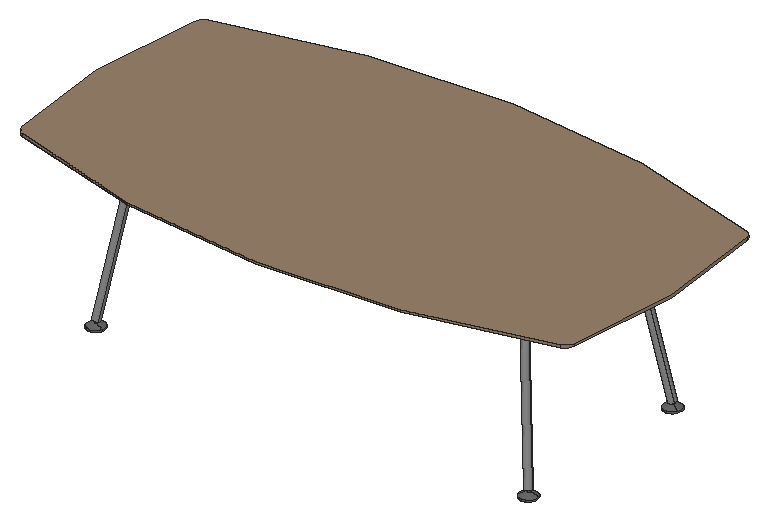
Revit family "Disc XL", category Мебель, Revit 2017
Family settings
  Номер OmniClass = 23.40.20.00
  Заголовок OmniClass = General Furniture and Specialties
  На основе рабочей плоскости = Нет
  Всегда вертикально = Да
  При загрузке вырезать с полостями = Нет
  Общий = Нет
  Точка расчета площади = Нет
Parameters (values of type "HB-920")
  URL = "http://file-system.ru/catalog/zdaniya_i_sooruzheniya/interer/mebel/disc_xl_hb_920_skandiform_stol/"
  Комментарии к типоразмеру = "Created by Astacus AB"
  Disc = HB-920-Disc : HB-920-Disc
  Группа модели = "HB-920"
  Изготовитель = "Skandiform AB"
  Ключевая пометка = "XBE.1"
  Описание = "Table tops in birch, oak veneer or white laminate F2274.Chassis straight legs in silver lacquer or chromium. Adjustable floor protectors"
  Table Top = Skandiform Wood Oak
  Table Leg = Skandiform Chrome
  Leg = Straight legs 2pc small : Straight legs 2pc small
  Box for plug connection (Enter nbr) [instance] = ""
Types (7, lengths in mm): name | URL | Disc | Группа модели | Leg
  (no name) | "http://file-system.ru/catalog/zdaniya_i_sooruzheniya/interer/mebel/disc_xl_hb_920_skandiform_stol/" | HB-920-Disc : HB-920-Disc | "HB-920" | Straight legs 2pc small : Straight legs 2pc small
  HB-920 | "http://file-system.ru/catalog/zdaniya_i_sooruzheniya/interer/mebel/disc_xl_hb_920_skandiform_stol/" | HB-920-Disc : HB-920-Disc | "HB-920" | Straight legs 2pc small : Straight legs 2pc small
  HB-921 | "http://www.biminfo.se/?productid=333194" | HB-921-Disc : HB-921-Disc | "HB-921" | Straight legs 3pc small : Straight legs 3pc small
  HB-922 | "http://www.biminfo.se/?productid=333194" | HB-922-Disc : HB-922-Disc | "HB-922" | Straight legs 4pc small : Straight legs 4pc small
  HB-1920 | "http://www.biminfo.se/?productid=333194" | HB-920-Disc : HB-920-Disc | "HB-1920" | T legs 2pc small : T legs 2pc small
  HB-1921 | "http://www.biminfo.se/?productid=333194" | HB-921-Disc : HB-921-Disc | "HB-1921" | T legs 3pc small : T legs 3pc small
  HB-1922 | "http://www.biminfo.se/?productid=333194" | HB-922-Disc : HB-922-Disc | "HB-1922" | T legs 4pc small : T legs 4pc small
Reference planes
  plane 1 "Center (Front/Back)": y = 0
  plane 2: z = 0
  plane 3 "Center (Left/Right)": x = 0
Dimensions and locks
  aligned and locked: level to plane 2
Nested families
  nested 1: "HB-920-Disc" at (0, 0, 0), type <- "Disc", type "HB-920-Disc"
  nested 2: "Straight legs 2pc small" at (0, 0, 0), type <- "Leg", type "Straight legs 2pc small"
Definition of nested family "HB-920-Disc"
  Parameters
    Disc = none
    Model = ""
    Manufacturer = "Skandiform"
    Description = ""
    Assembly Code = ""
  Reference planes
    plane 1 "Center (Front/Back)": y = 0
    plane 2: z = 0
    plane 3 "Center (Left/Right)": x = 0
  Forms (mm)
    Blend 1, solid, material <- "Disc"
      base sketch origin (0, 0, 0) x (1, 0, 0) y (0, 1, 0)
        loop
          arc (-1157.102, 474.107) -> (-1165.85, 470.483) -> (-1169.474, 461.734) r 12.373
          arc (-1169.474, 461.734) -> (-1217.187, 0) -> (-1169.474, -461.734) r 2258.023
          arc (-1169.474, -461.734) -> (-1165.884, -468.9) -> (-1159.222, -473.356) r 15.679
          arc (-1159.222, -473.356) -> (0.046, -666.989) -> (1159.313, -473.351) r 3567.008
          arc (1159.313, -473.351) -> (1166.207, -470.496) -> (1169.063, -463.601) r 9.75
          arc (1169.063, -463.601) -> (1219.088, -1.02) -> (1169.497, 461.608) r 2173.195
          arc (1169.497, 461.608) -> (1168.141, 467.468) -> (1164.349, 472.137) r 13.341
          arc (1164.349, 472.137) -> (3.788, 666.988) -> (-1157.102, 474.107) r 3571.716
      top sketch origin (0, 0, 0) x (1, 0, 0) y (0, 1, 0)
        loop
          arc (-1170.037, 504.557) -> (-1190.7, 490.661) -> (-1201.78, 468.362) r 48.648
          arc (-1201.78, 468.362) -> (-1249.329, 0) -> (-1201.78, -468.362) r 2330.46
          arc (-1201.78, -468.362) -> (-1190.7, -490.661) -> (-1170.037, -504.557) r 48.648
          arc (-1170.037, -504.557) -> (0, -700) -> (1170.037, -504.557) r 3599.985
          arc (1170.037, -504.557) -> (1190.721, -490.68) -> (1201.78, -468.362) r 48.46
          arc (1201.78, -468.362) -> (1250.253, 0) -> (1201.78, 468.362) r 2286.954
          arc (1201.78, 468.362) -> (1190.721, 490.68) -> (1170.037, 504.557) r 48.46
          arc (1170.037, 504.557) -> (0, 700) -> (-1170.037, 504.557) r 3599.985
      from 698 to 710
    Extrusion 2, solid, material <- "Disc"
      sketch origin (0, 0, 0) x (1, 0, 0) y (0, 1, 0)
        loop
          arc (-1170.037, 504.557) -> (-1190.7, 490.661) -> (-1201.78, 468.362) r 48.648
          arc (-1201.78, 468.362) -> (-1249.329, 0) -> (-1201.78, -468.362) r 2330.46
          arc (-1201.78, -468.362) -> (-1190.7, -490.661) -> (-1170.037, -504.557) r 48.648
          arc (-1170.037, -504.557) -> (0, -700) -> (1170.037, -504.557) r 3599.985
          arc (1170.037, -504.557) -> (1190.721, -490.68) -> (1201.78, -468.362) r 48.46
          arc (1201.78, -468.362) -> (1250.253, 0) -> (1201.78, 468.362) r 2286.954
          arc (1201.78, 468.362) -> (1190.721, 490.68) -> (1170.037, 504.557) r 48.46
          arc (1170.037, 504.557) -> (0, 700) -> (-1170.037, 504.557) r 3599.985
      from 710 to 720
  Lines and regions (mm)
    Masking region 1
      outline origin (0, 0, 0) x (1, 0, 0) y (0, 1, 0)
        loop
          arc (1170.037, 504.557) -> (0, 700) -> (-1170.037, 504.557) r 3599.985
          arc (-1170.037, 504.557) -> (-1190.7, 490.661) -> (-1201.78, 468.362) r 48.648
          arc (-1201.78, 468.362) -> (-1249.329, 0) -> (-1201.78, -468.362) r 2330.46
          arc (-1201.78, -468.362) -> (-1190.7, -490.661) -> (-1170.037, -504.557) r 48.648
          arc (-1170.037, -504.557) -> (0, -700) -> (1170.037, -504.557) r 3599.985
          arc (1170.037, -504.557) -> (1190.721, -490.68) -> (1201.78, -468.362) r 48.46
          arc (1201.78, -468.362) -> (1250.253, 0) -> (1201.78, 468.362) r 2286.954
          arc (1201.78, 468.362) -> (1190.721, 490.68) -> (1170.037, 504.557) r 48.46
    symbolic lines
      curve 1: line (0, 700, 0) -> (0, -700, 0)
  Dimensions and locks
    aligned and locked: level to plane 2
Definition of nested family "Straight legs 2pc small"
  Parameters
    Model = ""
    Manufacturer = "Skandiform"
    Description = ""
    Leg = none
    Assembly Code = ""
  Reference planes
    plane 1 "Center (Front/Back)": y = 0
    plane 2: z = 0
    plane 3 "Center (Left/Right)": x = 0
  Forms (mm)
    Revolve 1, solid
      sketch origin (-380.45, 606.96, 0.004) x (0.93358, 0.358368, 0) y (0, 0, -1)
        loop
          line (-600, -32) -> (-592.75, -32) -> (-592.75, -20.394) -> (-562.243, -4.832) -> (-562.243, 0) -> (-600, 0) -> (-600, -32)
        axis (-600, -32) -> (-600, 0)
      angle from 0 to 360
    Extrusion 2, solid, material <- "Leg"
      sketch origin (-346.954, 472.588, 18.845) x (-0.918707, -0.386731, 0.080103) y (0.365948, -0.909849, -0.195596)
        loop
          circle (577, -143.954) r 16
      from -66.608 to 549.574
    Extrusion 3, solid, material <- "Leg"
      sketch origin (-346.954, -472.588, 18.845) x (-0.918707, 0.386731, 0.080103) y (-0.365948, -0.909849, 0.195596)
        loop
          circle (577, 143.954) r 16
      from -66.608 to 549.574
    Extrusion 4, solid, material <- "Leg"
      sketch origin (346.954, 472.588, 18.845) x (0.918707, -0.386731, 0.080103) y (0.365948, 0.909849, 0.195596)
        loop
          circle (577, 143.954) r 16
      from -66.608 to 549.574
    Extrusion 5, solid, material <- "Leg"
      sketch origin (346.954, -472.588, 18.845) x (0.918707, 0.386731, 0.080103) y (-0.365948, 0.909849, -0.195596)
        loop
          circle (577, -143.954) r 16
      from -66.608 to 549.574
    Revolve 6, solid
      sketch origin (380.45, 606.96, 0.004) x (-0.93358, 0.358368, 0) y (0, 0, 1)
        loop
          line (-600, 32) -> (-600, 0) -> (-562.243, 0) -> (-562.243, 4.832) -> (-592.75, 20.394) -> (-592.75, 32) -> (-600, 32)
        axis (-600, 32) -> (-600, 0)
      angle from 0 to 360
    Revolve 7, solid
      sketch origin (-380.45, -606.96, 0.004) x (0.93358, -0.358368, 0) y (0, 0, 1)
        loop
          line (-600, 32) -> (-600, 0) -> (-562.243, 0) -> (-562.243, 4.832) -> (-592.75, 20.394) -> (-592.75, 32) -> (-600, 32)
        axis (-600, 32) -> (-600, 0)
      angle from 0 to 360
    Revolve 8, solid
      sketch origin (380.45, -606.96, 0.004) x (-0.93358, -0.358368, 0) y (0, 0, -1)
        loop
          line (-600, -32) -> (-592.75, -32) -> (-592.75, -20.394) -> (-562.243, -4.832) -> (-562.243, 0) -> (-600, 0) -> (-600, -32)
        axis (-600, -32) -> (-600, 0)
      angle from 0 to 360
    Extrusion 9, solid, material <- "Leg"
      sketch origin (1.875, 3.75, 0) x (1, 0, 0) y (0, 1, 0)
        loop
          circle (-849.785, -301.743) r 16
      from 616.882 to 698.679
    Extrusion 10, solid, material <- "Leg"
      sketch origin (-1.875, 3.75, 0) x (-1, 0, 0) y (0, -1, 0)
        loop
          circle (-849.785, 301.743) r 16
      from 616.882 to 698.679
    Extrusion 11, solid, material <- "Leg"
      sketch origin (1.875, -3.75, 0) x (1, 0, 0) y (0, 1, 0)
        loop
          circle (-849.785, 301.743) r 16
      from 616.882 to 698.679
    Extrusion 12, solid, material <- "Leg"
      sketch origin (-1.875, -3.75, 0) x (-1, 0, 0) y (0, -1, 0)
        loop
          circle (-849.785, -301.743) r 16
      from 616.882 to 698.679
    Extrusion 13, solid, material <- "Leg"
      sketch origin (0, 0, 0) x (1, 0, 0) y (0, 1, 0)
        loop
          line (-837.079, 250.971) -> (-837.079, 302.483) -> (-860.002, 302.483) -> (-860.002, -308.471) -> (-837.079, -308.471) -> (-837.079, -252.035) -> (837.417, -252.035) -> (837.417, -307.347) -> (858.991, -307.347) -> (858.991, -259.535) -> (858.991, 302.347) -> (837.417, 302.347) -> (837.417, 250.971) -> (-837.079, 250.971)
        loop
          line (837.417, -230.526) -> (837.417, 228.717) -> (-837.079, 228.717) -> (-837.079, -230.526) -> (837.417, -230.526)
      from 658.267 to 698.679
  Dimensions and locks
    aligned and locked: level to plane 2
